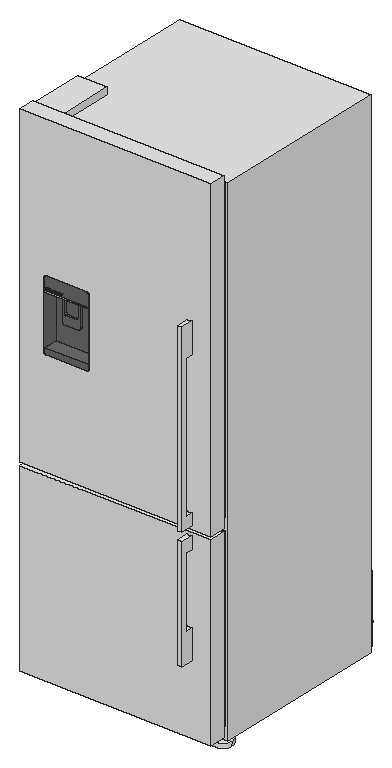
Revit family "Fisher & Paykel Fridge E402BLXFDU4", category Generic Models, host Floor, Revit 2013 (continued)
Definition of nested family "E402BLRXFDU4"
  Definition of nested family "Ice maker"
    Automatic sketch dimensions
      plane 10 to Extrusion 7 sketch curve = 2.937 mm
      Extrusion 7 sketch curve to Extrusion 7 sketch curve = 0.567 mm
      plane 10 to Extrusion 7 sketch curve = 2.643 mm
      Extrusion 7 sketch curve to Extrusion 7 sketch curve = 0.363 mm
      plane 10 to Extrusion 7 sketch curve = 3.101 mm
      Extrusion 7 sketch curve to Extrusion 7 sketch curve = 0.671 mm
      plane 10 to Extrusion 7 sketch curve = 0.900 mm
      Extrusion 7 sketch curve to Extrusion 7 sketch curve = 1.087 mm
      plane 10 to Extrusion 7 sketch curve = 1.581 mm
      Extrusion 7 sketch curve to Extrusion 7 sketch curve = 0.224 mm
      plane 10 to Extrusion 7 sketch curve = 0.530 mm
      Extrusion 7 sketch curve to Extrusion 7 sketch curve = 0.285 mm
      plane 10 to Extrusion 7 sketch curve = 2.393 mm
      Extrusion 7 sketch curve to Extrusion 7 sketch curve = 0.217 mm
      plane 10 to Extrusion 7 sketch curve = 1.084 mm
      Extrusion 7 sketch curve to Extrusion 7 sketch curve = 0.550 mm
      Extrusion 7 sketch curve to plane 10 = 0.171 mm
      Extrusion 7 sketch curve to Extrusion 7 sketch curve = 0.886 mm
      plane 10 to Extrusion 7 sketch curve = 2.152 mm
      Extrusion 7 sketch curve to Extrusion 7 sketch curve = 0.743 mm
      plane 10 to Extrusion 7 sketch curve = 0.381 mm
      Extrusion 7 sketch curve to Extrusion 7 sketch curve = 0.552 mm
      Extrusion 7 sketch curve to Extrusion 7 sketch curve = 0.338 mm
      Extrusion 7 sketch curve to Extrusion 7 sketch curve = 1.285 mm
      Extrusion 7 sketch curve to Extrusion 7 sketch curve = 2.302 mm
      Extrusion 7 sketch curve to Extrusion 7 sketch curve = 0.462 mm
      plane 10 to Extrusion 7 sketch curve = 2.610 mm
      plane 10 to Extrusion 7 sketch curve = 4.506 mm
      Extrusion 7 sketch curve to Extrusion 7 sketch curve = 1.496 mm
      Extrusion 7 sketch curve to Extrusion 7 sketch curve = 0.181 mm
      Extrusion 7 sketch curve to Extrusion 7 sketch curve = 1.609 mm
      Extrusion 7 sketch curve to Extrusion 7 sketch curve = 0.419 mm
      Extrusion 7 sketch curve to Extrusion 7 sketch curve = 2.822 mm
      Extrusion 7 sketch curve to Extrusion 7 sketch curve = 1.144 mm
      Extrusion 7 sketch curve to Extrusion 7 sketch curve = 1.125 mm
      plane 10 to Extrusion 7 sketch curve = 0.786 mm
      Extrusion 7 sketch curve to Extrusion 7 sketch curve = 0.321 mm
      plane 10 to Extrusion 7 sketch curve = 1.781 mm
      Extrusion 7 sketch curve to Extrusion 7 sketch curve = 0.111 mm
      Extrusion 7 sketch curve to Extrusion 7 sketch curve = 0.814 mm
      Extrusion 7 sketch curve to plane 10 = 1.646 mm
      Extrusion 7 sketch curve to Extrusion 7 sketch curve = 0.472 mm
      Extrusion 7 sketch curve to plane 10 = 0.875 mm
      Extrusion 7 sketch curve to Extrusion 7 sketch curve = 0.122 mm
      plane 10 to Extrusion 7 sketch curve = 2.450 mm
      Extrusion 7 sketch curve to Extrusion 7 sketch curve = 0.302 mm
      Extrusion 7 sketch curve to Extrusion 7 sketch curve = 0.901 mm
      Extrusion 7 sketch curve to Extrusion 7 sketch curve = 1.204 mm
      Extrusion 7 sketch curve to Extrusion 7 sketch curve = 0.822 mm
      plane 10 to Extrusion 7 sketch curve = 0.586 mm
      Extrusion 7 sketch curve to plane 10 = 0.234 mm
      Extrusion 7 sketch curve to Extrusion 7 sketch curve = 0.805 mm
      Extrusion 7 sketch curve to Extrusion 7 sketch curve = 2.080 mm
      Extrusion 7 sketch curve to Extrusion 7 sketch curve = 1.449 mm
      Extrusion 7 sketch curve to Extrusion 7 sketch curve = 1.175 mm
      Extrusion 7 sketch curve to Extrusion 7 sketch curve = 0.593 mm
      plane 10 to Extrusion 7 sketch curve = 1.662 mm
      Extrusion 7 sketch curve to Extrusion 7 sketch curve = 0.441 mm
      Extrusion 7 sketch curve to Extrusion 7 sketch curve = 0.172 mm
      Extrusion 7 sketch curve to Extrusion 7 sketch curve = 0.812 mm  (x2)
      Extrusion 7 sketch curve to Extrusion 7 sketch curve = 1.126 mm
      plane 10 to Extrusion 7 sketch curve = 2.289 mm
      Extrusion 7 sketch curve to Extrusion 7 sketch curve = 0.191 mm
      plane 10 to Extrusion 7 sketch curve = 1.983 mm
      Extrusion 7 sketch curve to Extrusion 7 sketch curve = 0.717 mm
      Extrusion 7 sketch curve to Extrusion 7 sketch curve = 1.084 mm
      Extrusion 7 sketch curve to Extrusion 7 sketch curve = 0.930 mm
      Extrusion 7 sketch curve to Extrusion 7 sketch curve = 1.259 mm
      Extrusion 7 sketch curve to Extrusion 7 sketch curve = 1.169 mm
      Extrusion 7 sketch curve to Extrusion 7 sketch curve = 0.977 mm
      plane 10 to Extrusion 7 sketch curve = 1.213 mm
      Extrusion 7 sketch curve to Extrusion 7 sketch curve = 0.082 mm
      Extrusion 7 sketch curve to Extrusion 7 sketch curve = 2.346 mm
      Extrusion 7 sketch curve to Extrusion 7 sketch curve = 0.336 mm
      Extrusion 7 sketch curve to Extrusion 7 sketch curve = 0.851 mm  (x3)
      Extrusion 7 sketch curve to Extrusion 7 sketch curve = 0.617 mm
      Extrusion 7 sketch curve to Extrusion 7 sketch curve = 0.000 mm  (x9)
      Extrusion 7 sketch curve to Extrusion 7 sketch curve = 0.228 mm  (x3)
      Extrusion 7 sketch curve to plane 10 = 0.040 mm
      Extrusion 7 sketch curve to Extrusion 7 sketch curve = 0.063 mm
      Extrusion 7 sketch curve to Extrusion 7 sketch curve = 4.320 mm
      Extrusion 7 sketch curve to Extrusion 7 sketch curve = 0.731 mm  (x2)
      Extrusion 7 sketch curve to Extrusion 7 sketch curve = 0.787 mm
      Extrusion 7 sketch curve to Extrusion 7 sketch curve = 1.638 mm
      plane 10 to Extrusion 7 sketch curve = 0.001 mm
      Extrusion 7 sketch curve to Extrusion 7 sketch curve = 0.089 mm  (x2)
      Extrusion 7 sketch curve to Extrusion 7 sketch curve = 0.312 mm  (x2)
      Extrusion 7 sketch curve to Extrusion 7 sketch curve = 0.522 mm  (x2)
      Extrusion 7 sketch curve to Extrusion 7 sketch curve = 0.905 mm  (x2)
      Extrusion 7 sketch curve to Extrusion 7 sketch curve = 0.471 mm
      Extrusion 7 sketch curve to Extrusion 7 sketch curve = 0.067 mm
      Extrusion 7 sketch curve to Extrusion 7 sketch curve = 0.354 mm
      Extrusion 7 sketch curve to Extrusion 7 sketch curve = 0.410 mm
      Extrusion 7 sketch curve to Extrusion 7 sketch curve = 0.555 mm
      Extrusion 7 sketch curve to Extrusion 7 sketch curve = 0.240 mm
      Extrusion 7 sketch curve to Extrusion 7 sketch curve = 0.556 mm
      Extrusion 7 sketch curve to Extrusion 7 sketch curve = 0.196 mm
      Extrusion 7 sketch curve to Extrusion 7 sketch curve = 0.854 mm
      Extrusion 7 sketch curve to Extrusion 7 sketch curve = 0.199 mm  (x2)
      Extrusion 7 sketch curve to Extrusion 7 sketch curve = 0.385 mm
      Extrusion 7 sketch curve to Extrusion 7 sketch curve = 0.022 mm
      Extrusion 7 sketch curve to Extrusion 7 sketch curve = 0.324 mm
      Extrusion 7 sketch curve to Extrusion 7 sketch curve = 0.545 mm
      Extrusion 7 sketch curve to Extrusion 7 sketch curve = 0.042 mm  (x2)
      Extrusion 7 sketch curve to Extrusion 7 sketch curve = 0.036 mm
      Extrusion 7 sketch curve to Extrusion 7 sketch curve = 0.151 mm
      Extrusion 7 sketch curve to plane 10 = 0.073 mm
      Extrusion 7 sketch curve to Extrusion 7 sketch curve = 0.537 mm
      plane 10 to Extrusion 7 sketch curve = 0.401 mm
      Extrusion 7 sketch curve to Extrusion 7 sketch curve = 0.119 mm
      Extrusion 7 sketch curve to plane 10 = 0.786 mm
      Extrusion 7 sketch curve to Extrusion 7 sketch curve = 0.011 mm
      Extrusion 7 sketch curve to Extrusion 7 sketch curve = 0.478 mm
      Extrusion 7 sketch curve to Extrusion 7 sketch curve = 0.700 mm
      Extrusion 7 sketch curve to Extrusion 7 sketch curve = 0.425 mm
      Extrusion 7 sketch curve to plane 10 = 0.023 mm
      Extrusion 7 sketch curve to Extrusion 7 sketch curve = 3.775 mm
      Extrusion 7 sketch curve to Extrusion 7 sketch curve = 1.261 mm
      Extrusion 7 sketch curve to Extrusion 7 sketch curve = 1.574 mm
      Extrusion 7 sketch curve to Extrusion 7 sketch curve = 0.065 mm
      Extrusion 7 sketch curve to Extrusion 7 sketch curve = 2.224 mm
      Extrusion 7 sketch curve to Extrusion 7 sketch curve = 0.770 mm
      Extrusion 7 sketch curve to Extrusion 7 sketch curve = 0.836 mm
      Extrusion 7 sketch curve to Extrusion 7 sketch curve = 1.455 mm
      Extrusion 7 sketch curve to Extrusion 7 sketch curve = 0.335 mm
      Extrusion 7 sketch curve to Extrusion 7 sketch curve = 1.076 mm
      Extrusion 7 sketch curve to Extrusion 7 sketch curve = 0.273 mm
      Extrusion 7 sketch curve to Extrusion 7 sketch curve = 0.561 mm  (x2)
      Extrusion 7 sketch curve to Extrusion 7 sketch curve = 0.884 mm
      plane 10 to Extrusion 7 sketch curve = 1.181 mm
      Extrusion 7 sketch curve to Extrusion 7 sketch curve = 0.017 mm
      Extrusion 7 sketch curve to Extrusion 7 sketch curve = 1.478 mm
      Extrusion 7 sketch curve to Extrusion 7 sketch curve = 0.099 mm
      Extrusion 7 sketch curve to Extrusion 7 sketch curve = 1.216 mm
      Extrusion 7 sketch curve to Extrusion 7 sketch curve = 0.759 mm
      Extrusion 7 sketch curve to Extrusion 7 sketch curve = 0.889 mm
      Extrusion 7 sketch curve to Extrusion 7 sketch curve = 0.299 mm
      Extrusion 7 sketch curve to Extrusion 7 sketch curve = 0.034 mm
      Extrusion 7 sketch curve to Extrusion 7 sketch curve = 0.397 mm
      radius of Extrusion 5 sketch curve = 7.500 mm
